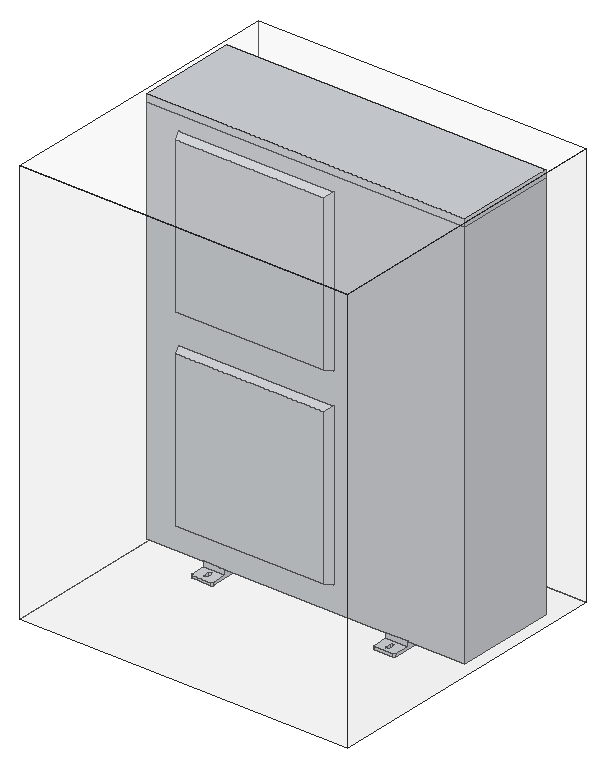
Revit family "puz-dhrmp80140ka3_60hz", category 機械設備, Revit 2019
Family settings
  丸型コネクタ寸法 = 直径を使用
  パーツ タイプ = 標準
  OmniClass 番号 = 23.75.10.24.21.27.27
  OmniClass タイトル = Split System Air Conditioning Units
  作業面ベース = いいえ
  常に垂直 = はい
  ロード時にボイドで切り取り = いいえ
  共有 = いいえ
  部屋計算ポイント = いいえ
Parameters (values of type "室外機_PUZ-DHRMP80KA3 (-BS_BSG)")
  音響パワーレベル_冷房 (dB) = 66
  音響パワーレベル_暖房 (dB) = 68
  音響パワーレベル(dB) = [音響パワーレベル_暖房 (dB)]  # 68
  電源種別 = ""
  電源位置Y = 2 mm
  電源位置Z = 1063 mm
  電源位置X = 325 mm
  電圧 = 200 V
  電動機出力_送風機 = 0.12 kW
  電動機出力_圧縮機 = 1.5 kW
  集中コントローラ [instance] = ""
  運転質量 = 0.00 kg
  運転方法 = "冷暖切替"
  質量 = if(製品質量 > 運転質量, 製品質量, 運転質量) * 1.2  # 138.00 kg
  負荷分類 = 1_熱源類
  説明 = "空冷H/P PAC インバータ室外機"
  設計暖房能力 [instance] = 0 kW
  設計冷房能力_顕熱 [instance] = 0 kW
  設計冷房能力 [instance] = 0 kW
  設置方法 = "床置形"
  記号 [instance] = ""
  製造元 = "三菱電機株式会社"
  製品質量 = 115.00 kg
  製品出荷対象 = "国内"
  製品リリース年月 = ""
  製品グループ = ""
  系統 [instance] = ""
  符号 = "PAC"
  積算_科目 = "1 空気調和設備"
  積算_拾い区分 [instance] = ""
  相 = 3
  盤記号 [instance] = ""
  発停方法 = "付属スイッチ"
  特殊仕様 [instance] = ""
  消費電力_暖房 = 1.92 kW
  消費電力_冷房 = 1.77 kW
  消費電力 = if(消費電力_冷房 > 消費電力_暖房, 消費電力_冷房, 消費電力_暖房)  # 1.92 kW
  法定耐用年数 = "6"
  構成品番 = "PUZ-DHRMP80KA3 (-BS,-BSG)"
  極数 = 3
  材質 [instance] = ""
  本体マテリアル = none
  最小電線太さ_mm2 = 5.5
  最大電流値 = 0 A
  暖房能力 = 8 kW
  推奨ブレーカー容量 = 30 A
  据付ピッチ1 = 0 mm
  形式 = "パッケージ形 室外機"
  形名 = PUZ-ZRMP-3 : PUZ-ZRMP112KA11
  幹線記号 [instance] = ""
  始動方式 = "インバータ始動方式"
  呼称 = "パッケージ形空気調和機_室外機"
  周波数 = 60 Hz
  価格 = 0
  ドレン　位置Z = 23 mm
  ドレン　位置Y = 176 mm
  ドレン　位置X = 45 mm
  アンカーボルト位置Y = 370 mm
  アンカーボルト位置X = 600 mm
  参照している仕様書等のバージョン = "公共建築物標準仕様書（機械設備工事編）平成31年度版"
  分類コード = "5.0053E+13"
  分類グループ = ""
  冷房能力 = 7.1 kW
  冷媒管（ガス）位置X = 483 mm
  冷媒管（液）位置X = 423 mm
  冷媒管（液）位置Y = 290 mm
  冷媒管（ガス）位置Y = 234 mm
  冷媒管長 [instance] = 0 mm
  冷媒管径符号 = "Bd"
  冷媒管径 = 100.00 mm
  冷媒管位置Z = 450 mm
  冷媒管位置Y = (冷媒管（液）位置Y + 冷媒管（ガス）位置Y) / 2  # 262 mm
  冷媒管位置X = (冷媒管（液）位置X + 冷媒管（ガス）位置X) / 2  # 453 mm
  冷媒液管径 = 9.52 mm
  冷媒ガス管径 = 15.88 mm
  企業コード = "108420"
  付属品 [instance] = ""
  仕様書バージョン = "Version1.0"
  ユニット数 = 1
  Model = ""
  ドレン管径 = 33.00 mm
  サービススペース = yes
  コメント [instance] = ""
  ケーブル種類1 = ""
  【値が 0 の項目は組合せ形名にてご確認ください】 = ""
  Width = 1050 mm
  Version = ""
  Uniclass2015Version = "Systems v1.9"
  Uniclass2015Title = "Split coil remote air cooled condensing units"
  Uniclass2015Code = "Pr_70_65_03_84"
  URL = "https://www.mitsubishielectric.co.jp/ldg/wink/ssl/top.do"
  SpecificationReference = ""
  SpecificationDescription = ""
  Revision = ""
  ProductInformation = ""
  OmniClassCode = "23-33 17 13 11"
  IfcTypeProduct = ""
  IfcProduct = ""
  IfcExportType = "AIRCONDITIONINGUNIT"
  IfcExportAs = "IfcUnitaryEquipmentType"
  Height = 1338 mm
  Depth = 330 mm
  Clearance Top = 0 mm
  Clearance Right = 15 mm
  Clearance Left = 15 mm
  Clearance Front = 500 mm
  Clearance Bottom = 0 mm
  Clearance Back = 150 mm
  COP = 0
  Author = "三菱電機株式会社"
  APF = 0
Reference planes
  plane 1 "中心(正面/背面)": y = 74
  plane 2: z = 0
  plane 3 "中心(左/右)": x = 830
  plane 4 "右": x = 1355
  plane 5 "左": x = 305
  plane 6 "背面": y = 239
  plane 7 "正面": y = -91
  plane 8 "上部": z = 1338
  plane 9 "Clearanse Top": z = 1338
  plane 10 "SS_back": y = 389
  plane 11 "SS_front": y = -591
  plane 12 "SS_left": x = 290
  plane 13 "SS_right": x = 1370
  plane 14: z = 0
  plane 15: y = -89
  plane 16: x = 1155
  plane 17: z = 1063
  plane 18: y = -87
  plane 19: y = -23
  plane 20: x = 1283
  plane 21: z = 450
  plane 22: z = 452
  plane 23: y = 63
  plane 24: x = 350
  plane 25: z = 25
  plane 26: z = 23
  plane 27: x = 530
  plane 28: x = 1130
  plane 29: y = 259
  plane 30: y = -111
Forms (mm)
  Extrusion 1, solid, detail levels fine
    sketch origin (0, -91, 0) x (1, 0, 0) y (0, 0, 1)
      loop
        circle (1155, 1063) r 13.5
    from -4 to -2
  Extrusion 2, solid, detail levels fine
    sketch origin (-1437.329, -1524, 54) x (-1, 0, 0) y (0, -1, 0)
      loop
        circle (-2720.329, -1501) r 50
    from 396 to 398
  Extrusion 3, solid, detail levels fine
    sketch origin (-1437.329, -1524, 54) x (-1, 0, 0) y (0, -1, 0)
      loop
        circle (-1787.329, -1587) r 16.5
    from -31 to -29
Lines and regions (mm)
  model lines, not visible
    curve 1: line (460, 178.667, 1289.179) -> (460, 297.73, 1289.179)
    curve 2: line (460, 178.667, 1056.056) -> (460, 178.667, 1289.179)
    curve 3: line (460, 297.73, 1056.056) -> (460, 178.667, 1056.056)
    curve 4: line (460, 297.73, 1289.179) -> (460, 297.73, 1056.056)
    curve 5: line (460, 47.598, 1289.179) -> (460, 166.661, 1289.179)
    curve 6: line (460, 47.598, 1056.056) -> (460, 47.598, 1289.179)
    curve 7: line (460, 166.661, 1056.056) -> (460, 47.598, 1056.056)
    curve 8: line (460, 166.661, 1289.179) -> (460, 166.661, 1056.056)
    curve 9: line (460, -83.471, 1289.179) -> (460, 35.592, 1289.179)
    curve 10: line (460, -83.471, 1056.056) -> (460, -83.471, 1289.179)
    curve 11: line (460, 35.592, 1056.056) -> (460, -83.471, 1056.056)
    curve 12: line (460, 35.592, 1289.179) -> (460, 35.592, 1056.056)
    curve 13: line (460, -150.779, 1289.179) -> (460, -95.75, 1289.179)
    curve 14: line (460, -150.779, 1056.056) -> (460, -150.779, 1289.179)
    curve 15: line (460, -95.75, 1056.056) -> (460, -150.779, 1056.056)
    curve 16: line (460, -95.75, 1289.179) -> (460, -95.75, 1056.056)
    curve 17: line (460, -150.779, 1283.175) -> (460, -132.596, 1283.175)
    curve 18: line (460, -150.779, 1062.059) -> (460, -150.779, 1283.175)
    curve 19: line (460, -132.596, 1062.059) -> (460, -150.779, 1062.059)
    curve 20: line (460, -132.596, 1283.175) -> (460, -132.596, 1062.059)
    curve 21: line (460, 178.667, 1046.051) -> (460, 297.73, 1046.051)
    curve 22: line (460, 178.667, 812.928) -> (460, 178.667, 1046.051)
    curve 23: line (460, 297.73, 812.928) -> (460, 178.667, 812.928)
    curve 24: line (460, 297.73, 1046.051) -> (460, 297.73, 812.928)
    curve 25: line (460, 47.598, 1046.051) -> (460, 166.661, 1046.051)
    curve 26: line (460, 47.598, 812.928) -> (460, 47.598, 1046.051)
    curve 27: line (460, 166.661, 812.928) -> (460, 47.598, 812.928)
    curve 28: line (460, 166.661, 1046.051) -> (460, 166.661, 812.928)
    curve 29: line (460, -83.471, 1046.051) -> (460, 35.592, 1046.051)
    curve 30: line (460, -83.471, 812.928) -> (460, -83.471, 1046.051)
    curve 31: line (460, 35.592, 812.928) -> (460, -83.471, 812.928)
    curve 32: line (460, 35.592, 1046.051) -> (460, 35.592, 812.928)
    curve 33: line (460, -150.779, 1046.051) -> (460, -95.75, 1046.051)
    curve 34: line (460, -150.779, 812.928) -> (460, -150.779, 1046.051)
    curve 35: line (460, -95.75, 812.928) -> (460, -150.779, 812.928)
    curve 36: line (460, -95.75, 1046.051) -> (460, -95.75, 812.928)
    curve 37: line (460, -150.779, 1040.048) -> (460, -132.596, 1040.048)
    curve 38: line (460, -150.779, 818.931) -> (460, -150.779, 1040.048)
    curve 39: line (460, -132.596, 818.931) -> (460, -150.779, 818.931)
    curve 40: line (460, -132.596, 1040.048) -> (460, -132.596, 818.931)
    curve 41: line (460, 178.667, 802.923) -> (460, 297.73, 802.923)
    curve 42: line (460, 178.667, 569.8) -> (460, 178.667, 802.923)
    curve 43: line (460, 297.73, 569.8) -> (460, 178.667, 569.8)
    curve 44: line (460, 297.73, 802.923) -> (460, 297.73, 569.8)
    curve 45: line (460, 47.598, 802.923) -> (460, 166.661, 802.923)
    curve 46: line (460, 47.598, 569.8) -> (460, 47.598, 802.923)
    curve 47: line (460, 166.661, 569.8) -> (460, 47.598, 569.8)
    curve 48: line (460, 166.661, 802.923) -> (460, 166.661, 569.8)
    curve 49: line (460, -83.471, 802.923) -> (460, 35.592, 802.923)
    curve 50: line (460, -83.471, 569.8) -> (460, -83.471, 802.923)
    curve 51: line (460, 35.592, 569.8) -> (460, -83.471, 569.8)
    curve 52: line (460, 35.592, 802.923) -> (460, 35.592, 569.8)
    curve 53: line (460, -150.779, 802.923) -> (460, -95.75, 802.923)
    curve 54: line (460, -150.779, 569.8) -> (460, -150.779, 802.923)
    curve 55: line (460, -95.75, 569.8) -> (460, -150.779, 569.8)
    curve 56: line (460, -95.75, 802.923) -> (460, -95.75, 569.8)
    curve 57: line (460, -150.779, 796.92) -> (460, -132.596, 796.92)
    curve 58: line (460, -150.779, 575.803) -> (460, -150.779, 796.92)
    curve 59: line (460, -132.596, 575.803) -> (460, -150.779, 575.803)
    curve 60: line (460, -132.596, 796.92) -> (460, -132.596, 575.803)
    curve 61: line (460, 178.667, 559.795) -> (460, 297.73, 559.795)
    curve 62: line (460, 178.667, 326.672) -> (460, 178.667, 559.795)
    curve 63: line (460, 297.73, 326.672) -> (460, 178.667, 326.672)
    curve 64: line (460, 297.73, 559.795) -> (460, 297.73, 326.672)
    curve 65: line (460, 47.598, 559.795) -> (460, 166.661, 559.795)
    curve 66: line (460, 47.598, 326.672) -> (460, 47.598, 559.795)
    curve 67: line (460, 166.661, 326.672) -> (460, 47.598, 326.672)
    curve 68: line (460, 166.661, 559.795) -> (460, 166.661, 326.672)
    curve 69: line (460, -83.471, 559.795) -> (460, 35.592, 559.795)
    curve 70: line (460, -83.471, 326.672) -> (460, -83.471, 559.795)
    curve 71: line (460, 35.592, 326.672) -> (460, -83.471, 326.672)
    curve 72: line (460, 35.592, 559.795) -> (460, 35.592, 326.672)
    curve 73: line (460, -150.779, 559.795) -> (460, -95.75, 559.795)
    curve 74: line (460, -150.779, 326.672) -> (460, -150.779, 559.795)
    curve 75: line (460, -95.75, 326.672) -> (460, -150.779, 326.672)
    curve 76: line (460, -95.75, 559.795) -> (460, -95.75, 326.672)
    curve 77: line (460, -150.779, 553.792) -> (460, -132.596, 553.792)
    curve 78: line (460, -150.779, 332.675) -> (460, -150.779, 553.792)
    curve 79: line (460, -132.596, 332.675) -> (460, -150.779, 332.675)
    curve 80: line (460, -132.596, 553.792) -> (460, -132.596, 332.675)
    curve 81: line (460, 178.667, 316.667) -> (460, 297.73, 316.667)
    curve 82: line (460, 178.667, 83.544) -> (460, 178.667, 316.667)
    curve 83: line (460, 297.73, 83.544) -> (460, 178.667, 83.544)
    curve 84: line (460, 297.73, 316.667) -> (460, 297.73, 83.544)
    curve 85: line (460, 47.598, 316.667) -> (460, 166.661, 316.667)
    curve 86: line (460, 47.598, 83.544) -> (460, 47.598, 316.667)
    curve 87: line (460, 166.661, 83.544) -> (460, 47.598, 83.544)
    curve 88: line (460, 166.661, 316.667) -> (460, 166.661, 83.544)
    curve 89: line (460, -83.471, 316.667) -> (460, 35.592, 316.667)
    curve 90: line (460, -83.471, 83.544) -> (460, -83.471, 316.667)
    curve 91: line (460, 35.592, 83.544) -> (460, -83.471, 83.544)
    curve 92: line (460, 35.592, 316.667) -> (460, 35.592, 83.544)
    curve 93: line (460, -150.779, 316.667) -> (460, -95.75, 316.667)
    curve 94: line (460, -150.779, 83.544) -> (460, -150.779, 316.667)
    curve 95: line (460, -95.75, 83.544) -> (460, -150.779, 83.544)
    curve 96: line (460, -95.75, 316.667) -> (460, -95.75, 83.544)
    curve 97: line (460, -150.779, 310.664) -> (460, -132.596, 310.664)
    curve 98: line (460, -150.779, 89.547) -> (460, -150.779, 310.664)
    curve 99: line (460, -132.596, 89.547) -> (460, -150.779, 89.547)
    curve 100: line (460, -132.596, 310.664) -> (460, -132.596, 89.547)
Dimensions and locks
  equal spacing: plane 7 "正面", plane 1 "中心(正面/背面)", plane 6 "背面"
  "Depth": plane 7 "正面" to plane 6 "背面"
  "Width": plane 5 "左" to plane 4 "右"
  equal spacing: plane 5 "左", plane 3 "中心(左/右)", plane 4 "右"
  "Clearance Left": plane 12 "SS_left" to plane 5 "左"
  "Clearance Right": plane 4 "右" to plane 13 "SS_right"
  "Clearance Back": plane 6 "背面" to plane 10 "SS_back"
  "Clearance Front": plane 11 "SS_front" to plane 7 "正面"
  "Height": plane 8 "上部" to level
  "Clearance Top": plane 9 "Clearanse Top" to plane 8 "上部"
  "Clearance Bottom": level to plane 14
  "電源位置X": plane 3 "中心(左/右)" to plane 16
  "電源位置Y": plane 7 "正面" to plane 15
  "電源位置Z": plane 17 to level
  locked: plane 15 to plane 18 at 2
  "冷媒管位置X": plane 3 "中心(左/右)" to plane 20
  "冷媒管位置Y": plane 19 to plane 6 "背面"
  "冷媒管位置Z": plane 21 to level
  locked: plane 22 to plane 21 at 2
  "ドレン　位置X": plane 5 "左" to plane 24
  "ドレン　位置Y": plane 23 to plane 6 "背面"
  locked: plane 25 to plane 26 at 2
  "ドレン　位置Z": plane 26 to level
  equal spacing: plane 30, plane 1 "中心(正面/背面)", plane 29
  "アンカーボルト位置Y": plane 30 to plane 29
  equal spacing: plane 27, plane 3 "中心(左/右)", plane 28
  "アンカーボルト位置X": plane 27 to plane 28
  radius of Extrusion 1 sketch curve = 13.5 mm
  "冷媒管径": diameter of Extrusion 2 sketch curve
  "ドレン管径": diameter of Extrusion 3 sketch curve
  aligned and locked: level to plane 2
  aligned and locked: plane 10 "SS_back" to nested 1  (x2)
  aligned and locked: plane 13 "SS_right" to nested 1
  aligned and locked: plane 12 "SS_left" to nested 1  (x2)
  aligned and locked: nested 1 to plane 13 "SS_right"
  aligned and locked: plane 11 "SS_front" to nested 1
  aligned and locked: plane 9 "Clearanse Top" to nested 1
  aligned and locked: plane 1 "中心(正面/背面)" to nested 2
  aligned and locked: plane 3 "中心(左/右)" to nested 2
  aligned and locked: plane 14 to nested 1
  aligned and locked: plane 17 to Extrusion 1 sketch curve
  aligned and locked: plane 16 to Extrusion 1 sketch curve
  aligned and locked: Extrusion 1 to plane 18
  aligned and locked: plane 15 to Extrusion 1
  aligned and locked: plane 19 to Extrusion 2 sketch curve
  aligned and locked: plane 20 to Extrusion 2 sketch curve
  aligned and locked: plane 22 to Extrusion 2
  aligned and locked: Extrusion 2 to plane 21
  aligned and locked: plane 24 to Extrusion 3 sketch curve
  aligned and locked: plane 23 to Extrusion 3 sketch curve
  aligned and locked: plane 25 to Extrusion 3
  aligned and locked: Extrusion 3 to plane 26
  aligned and locked: plane 27 to nested 3
  aligned and locked: plane 29 to nested 3
Nested families
  nested 1: "サービススペース" at (830, -101, 669), visible <- "サービススペース", type "サービススペース"
    with Width 1080 mm, Height 1338 mm, Depth 980 mm
  nested 2: "PUZ-ZRMP-3" at (830, 74, 0), type <- "形名", type "PUZ-ZRMP112KA11"
  nested 3: "固定点" at (530, -111, 0), type "固定点"
    with W 600 mm, D 370 mm
Connectors
  piping at (1283, -23, 450), diameter 100, driven by "冷媒管径", driven by "冷媒管径符号"
    settings: on Extrusion 2, index 1, connector inside diameter 609.60 mm, connector length 0 mm, flow factor 0, pipe flow 0.0 L/s, pressure drop 0.0 Pa, fitting loss kfactor 0, connector angle 0.00°, fixture units 0, engagement length 0 mm, angle of deflection 0.00°, flow configuration 1, flow direction 2, fitting loss method 4, system type 7, joint type 0, gender type 0, connector reference index -1, connector utility 0, adjustable connector no, is connector primary yes, connector description "Bd"
  electrical at (1155, -89, 1063), driven by "極数", driven by "負荷分類", driven by "電圧", driven by "消費電力"
    settings: on Extrusion 1, index 2, voltage 200 V, apparent load 1920 VA, apparent load phase1 0 VA, apparent load phase2 0 VA, apparent load phase3 0 VA, power factor 1, load classification "1_熱源類", number of poles 3, system type 30, power factor state 1, is connector primary yes, connector utility no, sub classification motor no, connector description ""
Definition of nested family "サービススペース"
  Parameters (values of type "サービススペース")
    Width [instance] = 500 mm
    Height [instance] = 500 mm
    Depth [instance] = 500 mm
  Reference planes
    plane 1 "中心(正面/背面)": y = 0
    plane 2: z = 0
    plane 3 "中心(左/右)": x = 0
    plane 4: y = -250
    plane 5: x = 250
    plane 6: y = 250
    plane 7: x = -250
    plane 8: z = 250
    plane 9: z = -250
  Forms (mm)
    Extrusion 1, solid
      sketch origin (-638.939, 0, 72.39) x (1, 0, 0) y (0, 1, 0)
        loop
          line (388.939, 250) -> (388.939, -250) -> (888.939, -250) -> (888.939, 250) -> (388.939, 250)
      from -322.39 to 177.61
  Lines and regions (mm)
    symbolic lines
      curve 1: line (-250, 0, 250) -> (250, 0, 250)
      curve 2: line (-250, 0, -250) -> (-250, 0, 250)
      curve 3: line (250, 0, -250) -> (-250, 0, -250)
      curve 4: line (250, 0, 250) -> (250, 0, -250)
      curve 5: line (0, -250, 250) -> (0, 250, 250)
      curve 6: line (0, -250, -250) -> (0, -250, 250)
      curve 7: line (0, 250, -250) -> (0, -250, -250)
      curve 8: line (0, 250, 250) -> (0, 250, -250)
      curve 9: line (-250, 250, 0) -> (250, 250, 0)
      curve 10: line (-250, -250, 0) -> (-250, 250, 0)
      curve 11: line (250, -250, 0) -> (-250, -250, 0)
      curve 12: line (250, 250, 0) -> (250, -250, 0)
  Dimensions and locks
    equal spacing: plane 7, plane 3 "中心(左/右)", plane 5
    equal spacing: plane 4, plane 1 "中心(正面/背面)", plane 6
    "Depth": plane 4 to plane 6
    "Width": plane 7 to plane 5
    equal spacing: plane 8, plane 2, plane 9
    "Height": plane 8 to plane 9
    aligned and locked: plane 9 to curve 3
    aligned and locked: plane 7 to curve 2
    aligned and locked: curve 4 to plane 5
    aligned and locked: plane 5 to Extrusion 1
    aligned and locked: Extrusion 1 to plane 7
    aligned and locked: Extrusion 1 to plane 9
    aligned and locked: plane 8 to Extrusion 1
    aligned and locked: plane 9 to curve 7
  Automatic sketch dimensions
    plane 4 to Extrusion 1 sketch curve = 0 mm
    Extrusion 1 sketch curve to plane 7 = 0 mm
    Extrusion 1 sketch curve to plane 5 = 0 mm
    plane 6 to Extrusion 1 sketch curve = 0 mm
    curve 2 to plane 8 = 0 mm
    plane 4 to curve 11 = 0 mm
    curve 11 to plane 7 = 0 mm
    curve 11 to plane 5 = 0 mm
    plane 6 to curve 10 = 0 mm
    curve 7 to plane 4 = 0 mm
    curve 7 to plane 6 = 0 mm
    curve 6 to plane 8 = 0 mm
Definition of nested family "PUZ-ZRMP-3"
  Parameters (values of type "PUZ-ZRMP112KA11")
    配線取出口サイズ = 27 mm
    配線取出口-Z = 1063 mm
    配線取出口-Y = 325 mm
    配線取出口-X = 325 mm
    液配管サイズ = 100 mm
    高さ = 1338 mm
    換気-W = 362 mm
    換気-H2 = 632 mm
    換気-H1 = 369 mm
    換気-D = 25 mm
    奥行き = 330 mm
    吊りボルト_H = 0 mm
    吊りボルト-φ = 12 mm
    冷媒配管サイズ = 9.52 mm
    冷媒液管径-Z = 450 mm
    冷媒液管径-Y = 290 mm
    冷媒液管径-X = 423 mm
    冷媒ガス管径-Z = 421 mm
    冷媒ガス管径-Y = 234 mm
    冷媒ガス管径-X = 483 mm
    吊りボルト-W = 600 mm
    マテリアル = none
    ドレン配管サイズ = 33 mm
    ドレン管径-Z = 0 mm
    ドレン管径-Y = 154 mm
    ドレン管径-X = 480 mm
    タイプ3 = yes
    タイプ2 = no
    タイプ1 = no
    ガス配管サイズ = 15.88 mm
    吊りボルト-D = 370 mm
    幅さ = 1050 mm
    a = 幅さ / 2  # 525 mm
  Reference planes
    plane 1 "中心(正面/背面)": y = 0
    plane 2: z = 0
    plane 3 "中心(左/右)": x = 0
    plane 4: z = 1338
    plane 5: x = -525
    plane 6: x = 525
    plane 7: y = 165
    plane 8: y = -165
    plane 9: x = 587
    plane 10: y = -105
    plane 11: y = 5
    plane 12: z = 1313
    plane 13: x = -545
    plane 14: x = -300
    plane 15: x = 300
    plane 16: y = 185
    plane 17: y = -185
    plane 18: x = 335
    plane 19: x = 265
    plane 20: x = -265
    plane 21: x = -335
    plane 22: y = 204
    plane 23: y = -218
    plane 24: z = 8.5
    plane 25: z = 25
    plane 26: z = 23
    plane 27: z = 1333
    plane 28: y = -40
    plane 29: y = 40
    plane 30: y = -30
    plane 31: y = 30
    plane 32: z = 1318
    plane 33: z = 55
    plane 34: z = 225
    plane 35: z = 570
    plane 36: x = 535
    plane 37: x = 556
    plane 38: y = -190
    plane 39: x = -163
    plane 40: z = 369
    plane 41: x = 91
    plane 42: x = -417
    plane 43: z = 633
    plane 44: z = 105
    plane 45: x = -407
    plane 46: x = 81
    plane 47: z = 623
    plane 48: z = 115
    plane 49: y = 115
    plane 50: y = -115
    plane 51: x = -480
    plane 52: y = -11
    plane 53: x = 483
    plane 54: x = 325
    plane 55: y = -160
    plane 56: y = -125
    plane 57: y = -69
    plane 58: x = 423
    plane 59: z = 421
    plane 60: z = 450
    plane 61: z = 1063
    plane 62: y = -110
    plane 63: z = 550
    plane 64: z = 550
    plane 65: x = 453
    plane 66: y = -97
    plane 67 "グループ": x = -525
    plane 68: z = 1338
    plane 69: z = 943
    plane 70: z = 1001
    plane 71: z = 1265
    plane 72: z = 737
    plane 73: z = 1255
    plane 74: z = 747
    plane 75: y = 125
    plane 76: x = -370
    plane 77: x = -210
    plane 78: x = -50
    plane 79: x = 110
  Forms (mm)
    Extrusion 1, solid, visible <- "タイプ3", detail levels fine
      sketch origin (-1437.329, -1524, 1338) x (-1, 0, 0) y (0, -1, 0)
        loop
          line (-1102.329, -1689) -> (-1102.329, -1359) -> (-1172.329, -1359) -> (-1172.329, -1689) -> (-1102.329, -1689)
        loop
          line (-1702.329, -1689) -> (-1702.329, -1359) -> (-1772.329, -1359) -> (-1772.329, -1689) -> (-1702.329, -1689)
      from -1338 to -1313
    Extrusion 2, solid, material <- "マテリアル", visible <- "タイプ3", detail levels fine
      sketch origin (-1437.329, -1524, 1338) x (-1, 0, 0) y (0, -1, 0)
        loop
          line (-1962.329, -1689) -> (-912.329, -1689) -> (-912.329, -1359) -> (-1962.329, -1359) -> (-1962.329, -1689)
      from -1313 to -25
    Extrusion 3, solid, material <- "マテリアル", visible <- "タイプ3", detail levels fine
      sketch origin (-1437.329, -1524, 1338) x (-1, 0, 0) y (0, -1, 0)
        loop
          line (-912.329, -1689) -> (-912.329, -1359) -> (-1962.329, -1359) -> (-1962.329, -1689) -> (-912.329, -1689)
      from -25 to 0
    Blend 4, solid, material <- "マテリアル", visible <- "タイプ3", detail levels fine
      base sketch origin (0, 0, 0) x (1, 0, 0) y (0, 0, 1)
        loop
          line (-417, 633) -> (-417, 105) -> (91, 105) -> (91, 633) -> (-417, 633)
      top sketch origin (0, 0, 0) x (1, 0, 0) y (0, 0, 1)
        loop
          line (-407, 623) -> (-407, 115) -> (81, 115) -> (81, 623) -> (-407, 623)
      from 165 to 190
    Extrusion 5, solid, material <- "マテリアル", visible <- "タイプ3", detail levels fine
      sketch origin (-1437.329, -1524, 1338) x (-1, 0, 0) y (0, -1, 0)
        loop
          circle (-1920.329, -1455) r 7.94
      from -917 to -788
    Extrusion 6, solid, material <- "マテリアル", visible <- "タイプ3", detail levels fine
      sketch origin (-1437.329, -1524, 1338) x (-1, 0, 0) y (0, -1, 0)
        loop
          circle (-1860.329, -1399) r 4.76
      from -888 to -788
    Extrusion 7, solid, material <- "マテリアル", visible <- "タイプ3", detail levels fine
      sketch origin (1480.036, -190, 1200) x (1, 0, 0) y (0, 0, 1)
        loop
          circle (-1155.036, -137) r 13.5
      from -80 to -30
    Extrusion 8, solid, material <- "マテリアル", visible <- "タイプ3", detail levels fine
      sketch origin (-1437.329, -1524, 1338) x (-1, 0, 0) y (0, -1, 0)
        loop
          circle (-1890.329, -1427) r 50
      from -888 to -788
    Blend 9, solid, material <- "マテリアル", visible <- "タイプ3", detail levels fine
      base sketch origin (1480.036, -190, 1200) x (1, 0, 0) y (0, 0, 1)
        loop
          line (-1897.036, 65) -> (-1897.036, -463) -> (-1389.036, -463) -> (-1389.036, 65) -> (-1897.036, 65)
      top sketch origin (1480.036, -190, 1200) x (1, 0, 0) y (0, 0, 1)
        loop
          line (-1887.036, 55) -> (-1887.036, -453) -> (-1399.036, -453) -> (-1399.036, 55) -> (-1887.036, 55)
      from -25 to 0
    Extrusion 10, solid, visible <- "タイプ3", detail levels fine
      sketch origin (-1437.329, -1524, 1338) x (-1, 0, 0) y (0, -1, 0)
        loop
          line (-1102.329, -1728) -> (-1102.329, -1689) -> (-1172.329, -1689) -> (-1172.329, -1728) -> (-1143.329, -1728) -> (-1143.329, -1709)
          arc (-1143.329, -1709) -> (-1137.329, -1703) -> (-1131.329, -1709) r 6
          line (-1131.329, -1709) -> (-1131.329, -1728) -> (-1102.329, -1728)
        loop
          line (-1102.329, -1359) -> (-1102.329, -1311)
          arc (-1102.329, -1311) -> (-1103.794, -1307.464) -> (-1107.329, -1306) r 5
          line (-1107.329, -1306) -> (-1167.329, -1306)
          arc (-1167.329, -1306) -> (-1170.865, -1307.464) -> (-1172.329, -1311) r 5
          line (-1172.329, -1311) -> (-1172.329, -1359) -> (-1102.329, -1359)
        loop
          arc (-1143.329, -1339) -> (-1137.329, -1345) -> (-1131.329, -1339) r 6
          line (-1131.329, -1339) -> (-1131.329, -1324)
          arc (-1131.329, -1324) -> (-1137.329, -1318) -> (-1143.329, -1324) r 6
          line (-1143.329, -1324) -> (-1143.329, -1339)
        loop
          line (-1772.329, -1728) -> (-1743.329, -1728) -> (-1743.329, -1709)
          arc (-1743.329, -1709) -> (-1737.329, -1703) -> (-1731.329, -1709) r 6
          line (-1731.329, -1709) -> (-1731.329, -1728) -> (-1702.329, -1728) -> (-1702.329, -1689) -> (-1772.329, -1689) -> (-1772.329, -1728)
        loop
          line (-1772.329, -1359) -> (-1702.329, -1359) -> (-1702.329, -1311)
          arc (-1702.329, -1311) -> (-1703.794, -1307.464) -> (-1707.329, -1306) r 5
          line (-1707.329, -1306) -> (-1767.329, -1306)
          arc (-1767.329, -1306) -> (-1770.865, -1307.464) -> (-1772.329, -1311) r 5
          line (-1772.329, -1311) -> (-1772.329, -1359)
        loop
          line (-1731.329, -1339) -> (-1731.329, -1324)
          arc (-1731.329, -1324) -> (-1737.329, -1318) -> (-1743.329, -1324) r 6
          line (-1743.329, -1324) -> (-1743.329, -1339)
          arc (-1743.329, -1339) -> (-1737.329, -1345) -> (-1731.329, -1339) r 6
      from -1338 to -1329.5
    Extrusion 11, solid, material <- "マテリアル", visible <- "タイプ3", detail levels fine
      sketch origin (-1437.329, -1524, 1338) x (-1, 0, 0) y (0, -1, 0)
        loop
          circle (-957.329, -1513) r 16.5
        loop
          circle (-1067.329, -1649) r 16.5
        loop
          circle (-1227.329, -1649) r 16.5
        loop
          circle (-1387.329, -1649) r 16.5
        loop
          circle (-1547.329, -1649) r 16.5
      from -1315 to -1313
  Cuts and joins
    joined: Extrusion 1, Extrusion 10
  Lines and regions (mm)
    Masking region 1, visible <- "タイプ3", detail levels coarse+medium
      outline origin (-1437.329, -1524, 1338) x (-1, 0, 0) y (0, -1, 0)
        loop
          line (-1962.329, -1689) -> (-1772.329, -1689) -> (-1772.329, -1728) -> (-1702.329, -1728) -> (-1702.329, -1689) -> (-1172.329, -1689) -> (-1172.329, -1728) -> (-1102.329, -1728) -> (-1102.329, -1689) -> (-912.329, -1689) -> (-912.329, -1359) -> (-1020.329, -1359) -> (-1030.329, -1334) -> (-1102.329, -1334) -> (-1102.329, -1306) -> (-1172.329, -1306) -> (-1172.329, -1334) -> (-1518.329, -1334) -> (-1528.329, -1359) -> (-1702.329, -1359) -> (-1702.329, -1306) -> (-1772.329, -1306) -> (-1772.329, -1359) -> (-1962.329, -1359) -> (-1962.329, -1689)
    model lines, visible <- "タイプ3", detail levels fine
      curve 1: line (447, 115, 1338) -> (-445, 115, 1338)
      curve 2: line (-445, -115, 1338) -> (447, -115, 1338)
      curve 3: line (-445, -45, 1338) -> (447, -45, 1338)
      curve 4: line (447, 45, 1338) -> (-445, 45, 1338)
      curve 5: line (-445, -35, 1338) -> (447, -35, 1338)
      curve 6: line (447, 35, 1338) -> (-445, 35, 1338)
      curve 7: line (-445, 115, 1338) -> (-445, 45, 1338)
      curve 8: line (447, -115, 1338) -> (447, -45, 1338)
      curve 9: line (-445, 35, 1338) -> (-445, -35, 1338)
      curve 10: line (-445, -45, 1338) -> (-445, -115, 1338)
      curve 11: line (447, -35, 1338) -> (447, 35, 1338)
      curve 12: line (447, 45, 1338) -> (447, 115, 1338)
      curve 13: line (479, -115, 1338) -> (479, 115, 1338)
      curve 14: line (462, -115, 1338) -> (462, 115, 1338)
      curve 15: line (-475, 115, 1338) -> (-475, -115, 1338)
      curve 16: line (-460, 115, 1338) -> (-460, -115, 1338)
      curve 17: line (-460, 115, 1338) -> (-475, 115, 1338)
      curve 18: line (-460, -115, 1338) -> (-475, -115, 1338)
      curve 19: line (462, 115, 1338) -> (479, 115, 1338)
      curve 20: line (462, -115, 1338) -> (479, -115, 1338)
      curve 21: line (-407, -190, 416.5) -> (81, -190, 416.5)
      curve 22: line (81, -190, 321.5) -> (-407, -190, 321.5)
      curve 23: line (-407, -190, 511.5) -> (81, -190, 511.5)
      curve 24: line (-407, -190, 606.5) -> (81, -190, 606.5)
      curve 25: line (81, -190, 226.5) -> (-407, -190, 226.5)
      curve 26: line (81, -190, 131.5) -> (-407, -190, 131.5)
      curve 27: line (-389.571, -190, 623) -> (-389.571, -190, 115)
      curve 28: line (63.571, -190, 115) -> (63.571, -190, 623)
      curve 29: line (-372.143, -190, 623) -> (-372.143, -190, 115)
      curve 30: line (-354.714, -190, 623) -> (-354.714, -190, 115)
      curve 31: line (-337.286, -190, 623) -> (-337.286, -190, 115)
      curve 32: line (-319.857, -190, 623) -> (-319.857, -190, 115)
      curve 33: line (-302.429, -190, 623) -> (-302.429, -190, 115)
      curve 34: line (-285, -190, 623) -> (-285, -190, 115)
      curve 35: line (-267.571, -190, 623) -> (-267.571, -190, 115)
      curve 36: line (-250.143, -190, 623) -> (-250.143, -190, 115)
      curve 37: line (-232.714, -190, 623) -> (-232.714, -190, 115)
      curve 38: line (-215.286, -190, 623) -> (-215.286, -190, 115)
      curve 39: line (-197.857, -190, 623) -> (-197.857, -190, 115)
      curve 40: line (-180.429, -190, 623) -> (-180.429, -190, 115)
      curve 41: line (-163, -190, 623) -> (-163, -190, 115)
      curve 42: line (-145.571, -190, 623) -> (-145.571, -190, 115)
      curve 43: line (-128.143, -190, 623) -> (-128.143, -190, 115)
      curve 44: line (-110.714, -190, 623) -> (-110.714, -190, 115)
      curve 45: line (-93.286, -190, 623) -> (-93.286, -190, 115)
      curve 46: line (-75.857, -190, 623) -> (-75.857, -190, 115)
      curve 47: line (-58.429, -190, 623) -> (-58.429, -190, 115)
      curve 48: line (-41, -190, 623) -> (-41, -190, 115)
      curve 49: line (-23.571, -190, 623) -> (-23.571, -190, 115)
      curve 50: line (-6.143, -190, 623) -> (-6.143, -190, 115)
      curve 51: line (11.286, -190, 623) -> (11.286, -190, 115)
      curve 52: line (28.714, -190, 623) -> (28.714, -190, 115)
      curve 53: line (46.143, -190, 623) -> (46.143, -190, 115)
      curve 54: line (-525, -100, 87) -> (-525, -60, 87)
      curve 55: line (-525, -100, 277) -> (-525, -100, 87)
      curve 56: line (-525, -60, 277) -> (-525, -100, 277)
      curve 57: line (-525, -60, 87) -> (-525, -60, 277)
      curve 58: line (-525, -100, 292) -> (-525, -60, 292)
      curve 59: line (-525, -100, 482) -> (-525, -100, 292)
      curve 60: line (-525, -60, 482) -> (-525, -100, 482)
      curve 61: line (-525, -60, 292) -> (-525, -60, 482)
      curve 62: line (-525, -100, 497) -> (-525, -60, 497)
      curve 63: line (-525, -100, 687) -> (-525, -100, 497)
      curve 64: line (-525, -60, 687) -> (-525, -100, 687)
      curve 65: line (-525, -60, 497) -> (-525, -60, 687)
      curve 66: line (-525, -100, 702) -> (-525, -60, 702)
      curve 67: line (-525, -100, 892) -> (-525, -100, 702)
      curve 68: line (-525, -60, 892) -> (-525, -100, 892)
      curve 69: line (-525, -60, 702) -> (-525, -60, 892)
      curve 70: line (-525, 60, 87) -> (-525, 100, 87)
      curve 71: line (-525, 60, 277) -> (-525, 60, 87)
      curve 72: line (-525, 100, 277) -> (-525, 60, 277)
      curve 73: line (-525, 100, 87) -> (-525, 100, 277)
      curve 74: line (-525, -46.667, 87) -> (-525, -6.667, 87)
      curve 75: line (-525, -46.667, 277) -> (-525, -46.667, 87)
      curve 76: line (-525, -6.667, 277) -> (-525, -46.667, 277)
      curve 77: line (-525, -6.667, 87) -> (-525, -6.667, 277)
      curve 78: line (-525, 6.667, 87) -> (-525, 46.667, 87)
      curve 79: line (-525, 6.667, 277) -> (-525, 6.667, 87)
      curve 80: line (-525, 46.667, 277) -> (-525, 6.667, 277)
      curve 81: line (-525, 46.667, 87) -> (-525, 46.667, 277)
      curve 82: line (-525, 60, 292) -> (-525, 100, 292)
      curve 83: line (-525, 60, 482) -> (-525, 60, 292)
      curve 84: line (-525, 100, 482) -> (-525, 60, 482)
      curve 85: line (-525, 100, 292) -> (-525, 100, 482)
      curve 86: line (-525, 60, 702) -> (-525, 100, 702)
      curve 87: line (-525, 60, 892) -> (-525, 60, 702)
      curve 88: line (-525, 100, 892) -> (-525, 60, 892)
      curve 89: line (-525, 100, 702) -> (-525, 100, 892)
      curve 90: line (-525, -46.667, 292) -> (-525, -6.667, 292)
      curve 91: line (-525, -46.667, 482) -> (-525, -46.667, 292)
      curve 92: line (-525, -6.667, 482) -> (-525, -46.667, 482)
      curve 93: line (-525, -6.667, 292) -> (-525, -6.667, 482)
      curve 94: line (-525, -46.667, 497) -> (-525, -6.667, 497)
      curve 95: line (-525, -46.667, 687) -> (-525, -46.667, 497)
      curve 96: line (-525, -6.667, 687) -> (-525, -46.667, 687)
      curve 97: line (-525, -6.667, 497) -> (-525, -6.667, 687)
      curve 98: line (-525, -46.667, 702) -> (-525, -6.667, 702)
      curve 99: line (-525, -46.667, 892) -> (-525, -46.667, 702)
      curve 100: line (-525, -6.667, 892) -> (-525, -46.667, 892)
      curve 101: line (-525, -6.667, 702) -> (-525, -6.667, 892)
      curve 102: line (-525, 6.667, 292) -> (-525, 46.667, 292)
      curve 103: line (-525, 6.667, 482) -> (-525, 6.667, 292)
      curve 104: line (-525, 46.667, 482) -> (-525, 6.667, 482)
      curve 105: line (-525, 46.667, 292) -> (-525, 46.667, 482)
      curve 106: line (-525, 6.667, 497) -> (-525, 46.667, 497)
      curve 107: line (-525, 6.667, 687) -> (-525, 6.667, 497)
      curve 108: line (-525, 46.667, 687) -> (-525, 6.667, 687)
      curve 109: line (-525, 46.667, 497) -> (-525, 46.667, 687)
      curve 110: line (-525, 6.667, 702) -> (-525, 46.667, 702)
      curve 111: line (-525, 6.667, 892) -> (-525, 6.667, 702)
      curve 112: line (-525, 46.667, 892) -> (-525, 6.667, 892)
      curve 113: line (-525, 46.667, 702) -> (-525, 46.667, 892)
      curve 114: line (-525, -100, 907) -> (-525, -60, 907)
      curve 115: line (-525, -100, 1097) -> (-525, -100, 907)
      curve 116: line (-525, -60, 1097) -> (-525, -100, 1097)
      curve 117: line (-525, -60, 907) -> (-525, -60, 1097)
      curve 118: line (-525, 60, 907) -> (-525, 100, 907)
      curve 119: line (-525, 60, 1097) -> (-525, 60, 907)
      curve 120: line (-525, 100, 1097) -> (-525, 60, 1097)
      curve 121: line (-525, 100, 907) -> (-525, 100, 1097)
      curve 122: line (-525, -46.667, 907) -> (-525, -6.667, 907)
      curve 123: line (-525, -46.667, 1097) -> (-525, -46.667, 907)
      curve 124: line (-525, -6.667, 1097) -> (-525, -46.667, 1097)
      curve 125: line (-525, -6.667, 907) -> (-525, -6.667, 1097)
      curve 126: line (-525, 6.667, 907) -> (-525, 46.667, 907)
      curve 127: line (-525, 6.667, 1097) -> (-525, 6.667, 907)
      curve 128: line (-525, 46.667, 1097) -> (-525, 6.667, 1097)
      curve 129: line (-525, 46.667, 907) -> (-525, 46.667, 1097)
      curve 130: line (-525, -100, 1112) -> (-525, -60, 1112)
      curve 131: line (-525, -100, 1302) -> (-525, -100, 1112)
      curve 132: line (-525, -60, 1302) -> (-525, -100, 1302)
      curve 133: line (-525, -60, 1112) -> (-525, -60, 1302)
      curve 134: line (-525, 60, 1112) -> (-525, 100, 1112)
      curve 135: line (-525, 60, 1302) -> (-525, 60, 1112)
      curve 136: line (-525, 100, 1302) -> (-525, 60, 1302)
      curve 137: line (-525, 100, 1112) -> (-525, 100, 1302)
      curve 138: line (-525, -46.667, 1112) -> (-525, -6.667, 1112)
      curve 139: line (-525, -46.667, 1302) -> (-525, -46.667, 1112)
      curve 140: line (-525, -6.667, 1302) -> (-525, -46.667, 1302)
      curve 141: line (-525, -6.667, 1112) -> (-525, -6.667, 1302)
      curve 142: line (-525, 6.667, 1112) -> (-525, 46.667, 1112)
      curve 143: line (-525, 6.667, 1302) -> (-525, 6.667, 1112)
      curve 144: line (-525, 46.667, 1302) -> (-525, 6.667, 1302)
      curve 145: line (-525, 46.667, 1112) -> (-525, 46.667, 1302)
      curve 303: line (81, -190, 1238.5) -> (-407, -190, 1238.5)
      curve 304: line (-407, -190, 763.5) -> (81, -190, 763.5)
      curve 305: line (-389.571, -190, 1255) -> (-389.571, -190, 747)
      curve 306: line (81, -190, 858.5) -> (-407, -190, 858.5)
      curve 307: line (81, -190, 1143.5) -> (-407, -190, 1143.5)
      curve 308: line (81, -190, 1048.5) -> (-407, -190, 1048.5)
      curve 309: line (-407, -190, 953.5) -> (81, -190, 953.5)
      curve 310: line (-372.143, -190, 1255) -> (-372.143, -190, 747)
      curve 311: line (-354.714, -190, 1255) -> (-354.714, -190, 747)
      curve 312: line (-337.286, -190, 1255) -> (-337.286, -190, 747)
      curve 313: line (-319.857, -190, 1255) -> (-319.857, -190, 747)
      curve 314: line (-302.429, -190, 1255) -> (-302.429, -190, 747)
      curve 315: line (-285, -190, 1255) -> (-285, -190, 747)
      curve 316: line (-267.571, -190, 1255) -> (-267.571, -190, 747)
      curve 317: line (-250.143, -190, 1255) -> (-250.143, -190, 747)
      curve 318: line (-232.714, -190, 1255) -> (-232.714, -190, 747)
      curve 319: line (-215.286, -190, 1255) -> (-215.286, -190, 747)
      curve 320: line (-197.857, -190, 1255) -> (-197.857, -190, 747)
      curve 321: line (-180.429, -190, 1255) -> (-180.429, -190, 747)
      curve 322: line (-163, -190, 1255) -> (-163, -190, 747)
      curve 323: line (-145.571, -190, 1255) -> (-145.571, -190, 747)
      curve 324: line (-128.143, -190, 1255) -> (-128.143, -190, 747)
      curve 325: line (-110.714, -190, 1255) -> (-110.714, -190, 747)
      curve 326: line (-93.286, -190, 1255) -> (-93.286, -190, 747)
      curve 327: line (-75.857, -190, 1255) -> (-75.857, -190, 747)
      curve 328: line (-58.429, -190, 1255) -> (-58.429, -190, 747)
      curve 329: line (-41, -190, 1255) -> (-41, -190, 747)
      curve 330: line (-23.571, -190, 1255) -> (-23.571, -190, 747)
      curve 331: line (-6.143, -190, 1255) -> (-6.143, -190, 747)
      curve 332: line (11.286, -190, 1255) -> (11.286, -190, 747)
      curve 333: line (28.714, -190, 1255) -> (28.714, -190, 747)
      curve 334: line (46.143, -190, 1255) -> (46.143, -190, 747)
      curve 335: line (63.571, -190, 1255) -> (63.571, -190, 747)
    model lines, visible <- "タイプ3", not visible, detail levels fine
      curve 146: line (-525, -100, 907) -> (-525, -60, 907)
      curve 147: line (-525, -100, 1097) -> (-525, -100, 907)
      curve 148: line (-525, -60, 1097) -> (-525, -100, 1097)
      curve 149: line (-525, -60, 907) -> (-525, -60, 1097)
      curve 150: line (-525, 60, 907) -> (-525, 100, 907)
      curve 151: line (-525, 60, 1097) -> (-525, 60, 907)
      curve 152: line (-525, 100, 1097) -> (-525, 60, 1097)
      curve 153: line (-525, 100, 907) -> (-525, 100, 1097)
      curve 154: line (-525, -46.667, 907) -> (-525, -6.667, 907)
      curve 155: line (-525, -46.667, 1097) -> (-525, -46.667, 907)
      curve 156: line (-525, -6.667, 1097) -> (-525, -46.667, 1097)
      curve 157: line (-525, -6.667, 907) -> (-525, -6.667, 1097)
      curve 158: line (-525, 6.667, 907) -> (-525, 46.667, 907)
      curve 159: line (-525, 6.667, 1097) -> (-525, 6.667, 907)
      curve 160: line (-525, 46.667, 1097) -> (-525, 6.667, 1097)
      curve 161: line (-525, 46.667, 907) -> (-525, 46.667, 1097)
      curve 162: line (-525, -100, 1112) -> (-525, -60, 1112)
      curve 163: line (-525, -100, 1302) -> (-525, -100, 1112)
      curve 164: line (-525, -60, 1302) -> (-525, -100, 1302)
      curve 165: line (-525, -60, 1112) -> (-525, -60, 1302)
      curve 166: line (-525, 60, 1112) -> (-525, 100, 1112)
      curve 167: line (-525, 60, 1302) -> (-525, 60, 1112)
      curve 168: line (-525, 100, 1302) -> (-525, 60, 1302)
      curve 169: line (-525, 100, 1112) -> (-525, 100, 1302)
      curve 170: line (-525, -46.667, 1112) -> (-525, -6.667, 1112)
      curve 171: line (-525, -46.667, 1302) -> (-525, -46.667, 1112)
      curve 172: line (-525, -6.667, 1302) -> (-525, -46.667, 1302)
      curve 173: line (-525, -6.667, 1112) -> (-525, -6.667, 1302)
      curve 174: line (-525, 6.667, 1112) -> (-525, 46.667, 1112)
      curve 175: line (-525, 6.667, 1302) -> (-525, 6.667, 1112)
      curve 176: line (-525, 46.667, 1302) -> (-525, 6.667, 1302)
      curve 177: line (-525, 46.667, 1112) -> (-525, 46.667, 1302)
      curve 194: line (-525, -100, 87) -> (-525, -60, 87)
      curve 195: line (-525, -100, 277) -> (-525, -100, 87)
      curve 196: line (-525, -60, 277) -> (-525, -100, 277)
      curve 197: line (-525, -60, 87) -> (-525, -60, 277)
      curve 198: line (-525, -100, 292) -> (-525, -60, 292)
      curve 199: line (-525, -100, 482) -> (-525, -100, 292)
      curve 200: line (-525, -60, 482) -> (-525, -100, 482)
      curve 201: line (-525, -60, 292) -> (-525, -60, 482)
      curve 202: line (-525, -100, 497) -> (-525, -60, 497)
      curve 203: line (-525, -100, 687) -> (-525, -100, 497)
      curve 204: line (-525, -60, 687) -> (-525, -100, 687)
      curve 205: line (-525, -60, 497) -> (-525, -60, 687)
      curve 206: line (-525, -100, 702) -> (-525, -60, 702)
      curve 207: line (-525, -100, 892) -> (-525, -100, 702)
      curve 208: line (-525, -60, 892) -> (-525, -100, 892)
      curve 209: line (-525, -60, 702) -> (-525, -60, 892)
      curve 210: line (-525, 60, 87) -> (-525, 100, 87)
      curve 211: line (-525, 60, 277) -> (-525, 60, 87)
      curve 212: line (-525, 100, 277) -> (-525, 60, 277)
      curve 213: line (-525, 100, 87) -> (-525, 100, 277)
      curve 214: line (-525, -46.667, 87) -> (-525, -6.667, 87)
      curve 215: line (-525, -46.667, 277) -> (-525, -46.667, 87)
      curve 216: line (-525, -6.667, 277) -> (-525, -46.667, 277)
      curve 217: line (-525, -6.667, 87) -> (-525, -6.667, 277)
      curve 218: line (-525, 6.667, 87) -> (-525, 46.667, 87)
      curve 219: line (-525, 6.667, 277) -> (-525, 6.667, 87)
      curve 220: line (-525, 46.667, 277) -> (-525, 6.667, 277)
      curve 221: line (-525, 46.667, 87) -> (-525, 46.667, 277)
      curve 222: line (-525, 60, 292) -> (-525, 100, 292)
      curve 223: line (-525, 60, 482) -> (-525, 60, 292)
      curve 224: line (-525, 100, 482) -> (-525, 60, 482)
      curve 225: line (-525, 100, 292) -> (-525, 100, 482)
      curve 226: line (-525, 60, 702) -> (-525, 100, 702)
      curve 227: line (-525, 60, 892) -> (-525, 60, 702)
      curve 228: line (-525, 100, 892) -> (-525, 60, 892)
      curve 229: line (-525, 100, 702) -> (-525, 100, 892)
      curve 230: line (-525, -46.667, 292) -> (-525, -6.667, 292)
      curve 231: line (-525, -46.667, 482) -> (-525, -46.667, 292)
      curve 232: line (-525, -6.667, 482) -> (-525, -46.667, 482)
      curve 233: line (-525, -6.667, 292) -> (-525, -6.667, 482)
      curve 234: line (-525, -46.667, 497) -> (-525, -6.667, 497)
      curve 235: line (-525, -46.667, 687) -> (-525, -46.667, 497)
      curve 236: line (-525, -6.667, 687) -> (-525, -46.667, 687)
      curve 237: line (-525, -6.667, 497) -> (-525, -6.667, 687)
      curve 238: line (-525, -46.667, 702) -> (-525, -6.667, 702)
      curve 239: line (-525, -46.667, 892) -> (-525, -46.667, 702)
      curve 240: line (-525, -6.667, 892) -> (-525, -46.667, 892)
      curve 241: line (-525, -6.667, 702) -> (-525, -6.667, 892)
      curve 242: line (-525, 6.667, 292) -> (-525, 46.667, 292)
      curve 243: line (-525, 6.667, 482) -> (-525, 6.667, 292)
      curve 244: line (-525, 46.667, 482) -> (-525, 6.667, 482)
      curve 245: line (-525, 46.667, 292) -> (-525, 46.667, 482)
      curve 246: line (-525, 6.667, 497) -> (-525, 46.667, 497)
      curve 247: line (-525, 6.667, 687) -> (-525, 6.667, 497)
      curve 248: line (-525, 46.667, 687) -> (-525, 6.667, 687)
      curve 249: line (-525, 46.667, 497) -> (-525, 46.667, 687)
      curve 250: line (-525, 6.667, 702) -> (-525, 46.667, 702)
      curve 251: line (-525, 6.667, 892) -> (-525, 6.667, 702)
      curve 252: line (-525, 46.667, 892) -> (-525, 6.667, 892)
      curve 253: line (-525, 46.667, 702) -> (-525, 46.667, 892)
    model lines, visible <- "タイプ2", not visible
      curve 178: line (-600, -100, 33.5) -> (-600, -60, 33.5)
      curve 179: line (-600, -100, 73.5) -> (-600, -100, 33.5)
      curve 180: line (-600, -60, 73.5) -> (-600, -100, 73.5)
      curve 181: line (-600, -60, 33.5) -> (-600, -60, 73.5)
      curve 182: line (-600, 60, 33.5) -> (-600, 100, 33.5)
      curve 183: line (-600, 60, 73.5) -> (-600, 60, 33.5)
      curve 184: line (-600, 100, 73.5) -> (-600, 60, 73.5)
      curve 185: line (-600, 100, 33.5) -> (-600, 100, 73.5)
      curve 186: line (-509, -46.667, 33.5) -> (-509, -6.667, 33.5)
      curve 187: line (-509, -46.667, 73.5) -> (-509, -46.667, 33.5)
      curve 188: line (-509, -6.667, 73.5) -> (-509, -46.667, 73.5)
      curve 189: line (-509, -6.667, 33.5) -> (-509, -6.667, 73.5)
      curve 190: line (-509, 6.667, 33.5) -> (-509, 46.667, 33.5)
      curve 191: line (-509, 6.667, 73.5) -> (-509, 6.667, 33.5)
      curve 192: line (-509, 46.667, 73.5) -> (-509, 6.667, 73.5)
      curve 193: line (-509, 46.667, 33.5) -> (-509, 46.667, 73.5)
      curve 287: line (-404.5, -100, 33.5) -> (-404.5, -60, 33.5)
      curve 288: line (-404.5, -100, 73.5) -> (-404.5, -100, 33.5)
      curve 289: line (-404.5, -60, 73.5) -> (-404.5, -100, 73.5)
      curve 290: line (-404.5, -60, 33.5) -> (-404.5, -60, 73.5)
      curve 291: line (-404.5, 60, 33.5) -> (-404.5, 100, 33.5)
      curve 292: line (-404.5, 60, 73.5) -> (-404.5, 60, 33.5)
      curve 293: line (-404.5, 100, 73.5) -> (-404.5, 60, 73.5)
      curve 294: line (-404.5, 100, 33.5) -> (-404.5, 100, 73.5)
      curve 295: line (-404.5, -46.667, 33.5) -> (-404.5, -6.667, 33.5)
      curve 296: line (-404.5, -46.667, 73.5) -> (-404.5, -46.667, 33.5)
      curve 297: line (-404.5, -6.667, 73.5) -> (-404.5, -46.667, 73.5)
      curve 298: line (-404.5, -6.667, 33.5) -> (-404.5, -6.667, 73.5)
      curve 299: line (-404.5, 6.667, 33.5) -> (-404.5, 46.667, 33.5)
      curve 300: line (-404.5, 6.667, 73.5) -> (-404.5, 6.667, 33.5)
      curve 301: line (-404.5, 46.667, 73.5) -> (-404.5, 6.667, 73.5)
      curve 302: line (-404.5, 46.667, 33.5) -> (-404.5, 46.667, 73.5)
    model lines, not visible
      curve 254: line (-338.5, -173.2, 372.5) -> (149.5, -173.2, 372.5)
      curve 255: line (149.5, -173.2, 277.5) -> (-338.5, -173.2, 277.5)
      curve 256: line (-338.5, -173.2, 467.5) -> (149.5, -173.2, 467.5)
      curve 257: line (-338.5, -173.2, 562.5) -> (149.5, -173.2, 562.5)
      curve 258: line (149.5, -173.2, 182.5) -> (-338.5, -173.2, 182.5)
      curve 259: line (149.5, -173.2, 87.5) -> (-338.5, -173.2, 87.5)
      curve 260: line (-321.071, -173.2, 579) -> (-321.071, -173.2, 71)
      curve 261: line (132.071, -173.2, 71) -> (132.071, -173.2, 579)
      curve 262: line (-303.643, -173.2, 579) -> (-303.643, -173.2, 71)
      curve 263: line (-286.214, -173.2, 579) -> (-286.214, -173.2, 71)
      curve 264: line (-268.786, -173.2, 579) -> (-268.786, -173.2, 71)
      curve 265: line (-251.357, -173.2, 579) -> (-251.357, -173.2, 71)
      curve 266: line (-233.929, -173.2, 579) -> (-233.929, -173.2, 71)
      curve 267: line (-216.5, -173.2, 579) -> (-216.5, -173.2, 71)
      curve 268: line (-199.071, -173.2, 579) -> (-199.071, -173.2, 71)
      curve 269: line (-181.643, -173.2, 579) -> (-181.643, -173.2, 71)
      curve 270: line (-164.214, -173.2, 579) -> (-164.214, -173.2, 71)
      curve 271: line (-146.786, -173.2, 579) -> (-146.786, -173.2, 71)
      curve 272: line (-129.357, -173.2, 579) -> (-129.357, -173.2, 71)
      curve 273: line (-111.929, -173.2, 579) -> (-111.929, -173.2, 71)
      curve 274: line (-94.5, -173.2, 579) -> (-94.5, -173.2, 71)
      curve 275: line (-77.071, -173.2, 579) -> (-77.071, -173.2, 71)
      curve 276: line (-59.643, -173.2, 579) -> (-59.643, -173.2, 71)
      curve 277: line (-42.214, -173.2, 579) -> (-42.214, -173.2, 71)
      curve 278: line (-24.786, -173.2, 579) -> (-24.786, -173.2, 71)
      curve 279: line (-7.357, -173.2, 579) -> (-7.357, -173.2, 71)
      curve 280: line (10.071, -173.2, 579) -> (10.071, -173.2, 71)
      curve 281: line (27.5, -173.2, 579) -> (27.5, -173.2, 71)
      curve 282: line (44.929, -173.2, 579) -> (44.929, -173.2, 71)
      curve 283: line (62.357, -173.2, 579) -> (62.357, -173.2, 71)
      curve 284: line (79.786, -173.2, 579) -> (79.786, -173.2, 71)
      curve 285: line (97.214, -173.2, 579) -> (97.214, -173.2, 71)
      curve 286: line (114.643, -173.2, 579) -> (114.643, -173.2, 71)
    symbolic lines, visible <- "タイプ3"
      curve 336: line (-344.073, 165, 1338) -> (-525, 165, 1338)
      curve 337: line (-525, 165, 1338) -> (-525, -165, 1338)
      curve 338: line (-525, -165, 1338) -> (-323.037, -165, 1338)
      curve 339: line (-417, -165, 1338) -> (-407, -190, 1338)
      curve 340: line (-407, -190, 1338) -> (-357.105, -190, 1338)
      curve 341: line (-335, -190, 1338) -> (-335, -218, 1338)
      curve 342: line (-335, -218, 1338) -> (-265, -218, 1338)
      curve 343: line (-265, -218, 1338) -> (-265, -190, 1338)
      curve 344: line (-357.105, -190, 1338) -> (81, -190, 1338)
      curve 345: line (81, -190, 1338) -> (91, -165, 1338)
      curve 346: line (-323.037, -165, 1338) -> (300.043, -165, 1338)
      curve 347: line (265, -165, 1338) -> (265, -218, 1338)
      curve 348: line (265, -218, 1338) -> (335, -218, 1338)
      curve 349: line (335, -218, 1338) -> (335, -165, 1338)
      curve 350: line (300.043, -165, 1338) -> (525, -165, 1338)
      curve 351: line (525, -165, 1338) -> (525, 165, 1338)
      curve 352: line (525, 165, 1338) -> (363.157, 165, 1338)
      curve 353: line (335, 165, 1338) -> (335, 204, 1338)
      curve 354: line (335, 204, 1338) -> (265, 204, 1338)
      curve 355: line (265, 204, 1338) -> (265, 165, 1338)
      curve 356: line (363.157, 165, 1338) -> (-344.073, 165, 1338)
      curve 357: line (-265, 165, 1338) -> (-265, 204, 1338)
      curve 358: line (-265, 204, 1338) -> (-335, 204, 1338)
      curve 359: line (-335, 204, 1338) -> (-335, 165, 1338)
      curve 360: line (-475, 115, 1338) -> (-460, 115, 1338)
      curve 361: line (-475, -115, 1338) -> (-475, 115, 1338)
      curve 362: line (-460, -115, 1338) -> (-475, -115, 1338)
      curve 363: line (-460, 115, 1338) -> (-460, -115, 1338)
      curve 364: line (-445, 115, 1338) -> (447, 115, 1338)
      curve 365: line (-445, 45, 1338) -> (-445, 115, 1338)
      curve 366: line (447, 45, 1338) -> (-445, 45, 1338)
      curve 367: line (447, 115, 1338) -> (447, 45, 1338)
      curve 368: line (447, 35, 1338) -> (-445, 35, 1338)
      curve 369: line (447, -35, 1338) -> (447, 35, 1338)
      curve 370: line (-445, -35, 1338) -> (447, -35, 1338)
      curve 371: line (-445, 35, 1338) -> (-445, -35, 1338)
      curve 372: line (-445, -45, 1338) -> (447, -45, 1338)
      curve 373: line (-445, -115, 1338) -> (-445, -45, 1338)
      curve 374: line (447, -115, 1338) -> (-445, -115, 1338)
      curve 375: line (447, -45, 1338) -> (447, -115, 1338)
      curve 376: line (462, -115, 1338) -> (479, -115, 1338)
      curve 377: line (462, 115, 1338) -> (462, -115, 1338)
      curve 378: line (479, 115, 1338) -> (462, 115, 1338)
      curve 379: line (479, -115, 1338) -> (479, 115, 1338)
  Dimensions and locks
    equal spacing: plane 8, plane 1 "中心(正面/背面)", plane 7
    "奥行き": plane 8 to plane 7
    equal spacing: plane 5, plane 3 "中心(左/右)", plane 6
    "幅さ": plane 5 to plane 6
    "高さ": plane 4 to level
    locked: plane 6 to plane 9 at 62
    locked: plane 8 to plane 10 at 60
    locked: plane 8 to plane 11 at 170
    locked: plane 4 to plane 12 at 25
    locked: plane 13 to plane 5 at 20
    "吊りボルト-D": plane 17 to plane 16
    equal spacing: plane 17, plane 1 "中心(正面/背面)", plane 16
    equal spacing: plane 14, plane 3 "中心(左/右)", plane 15
    "吊りボルト-W": plane 14 to plane 15
    plane 21 to plane 14 to plane 20 = 35 mm locked, 35 mm locked
    plane 19 to plane 15 to plane 18 = 35 mm locked, 35 mm locked
    locked: plane 16 to plane 22 at 19
    locked: plane 23 to plane 17 at 33
    locked: plane 24 to level at 8.5
    plane 25 to level = 25 mm
    locked: plane 4 to plane 27 at 5
    plane 7 to plane 1 "中心(正面/背面)" to plane 8 = 165 mm, 165 mm
    plane 29 to plane 1 "中心(正面/背面)" to plane 28 = 40 mm, 40 mm
    plane 31 to plane 1 "中心(正面/背面)" to plane 30 = 30 mm, 30 mm
    locked: plane 32 to plane 12 at 5
    locked: plane 33 to level at 55
    locked: plane 34 to level at 225
    equal spacing: plane 6, plane 37, plane 9
    locked: plane 6 to plane 36 at 10
    "換気-D": plane 38 to plane 8
    "換気-W": plane 39 to plane 5
    "換気-H1": plane 40 to level
    plane 41 to plane 39 to plane 42 = 254 mm locked, 254 mm locked
    plane 43 to plane 40 to plane 44 = 264 mm locked, 264 mm locked
    locked: plane 41 to plane 46 at 10
    locked: plane 45 to plane 42 at 10
    locked: plane 43 to plane 47 at 10
    locked: plane 48 to plane 44 at 10
    locked: curve 26 to plane 48 at 16.5
    locked: plane 47 to curve 24 at 16.5
    equal spacing: curve 24, curve 23, curve 21, curve 22, curve 25, curve 26
    equal spacing: plane 46, curve 28, curve 53, curve 52, curve 51, curve 50, curve 49, curve 48, curve 47, curve 46, curve 45, curve 44, curve 43, curve 42, curve 41, curve 40, curve 39, curve 38, curve 37, curve 36, curve 35, curve 34, curve 33, curve 32, curve 31, curve 30, curve 29, curve 27, plane 45
    locked: curve 4 to curve 6 at 10
    locked: curve 3 to curve 5 at 10
    locked: plane 49 to plane 7 at 50
    locked: plane 8 to plane 50 at 50
    "ドレン管径-Y": plane 8 to plane 52
    "配線取出口-Y": plane 55 to plane 7
    "冷媒液管径-Y": plane 56 to plane 7
    "冷媒ガス管径-Y": plane 57 to plane 7
    "配線取出口-X": plane 3 "中心(左/右)" to plane 54
    "冷媒ガス管径-X": plane 3 "中心(左/右)" to plane 53
    "冷媒液管径-X": plane 3 "中心(左/右)" to plane 58
    "冷媒液管径-Z": plane 60 to level
    "冷媒ガス管径-Z": plane 59 to level
    "配線取出口-Z": plane 61 to level
    locked: plane 55 to plane 62 at 50
    plane 63 to plane 59 = 129 mm
    locked: plane 64 to plane 60 at 100
    equal spacing: plane 58, plane 65, plane 53
    equal spacing: plane 56, plane 66, plane 57
    "a": plane 67 "グループ" to plane 3 "中心(左/右)"
    plane 69 to level = 943 mm
    plane 68 to level = 1338 mm
    locked: plane 35 to level at 570
    curve 21 to plane 40 to curve 22 = 47.5 mm locked, 47.5 mm locked
    "換気-H2": plane 70 to plane 40
    plane 71 to plane 70 to plane 72 = 264 mm locked, 264 mm locked
    locked: plane 74 to plane 72 at 10
    locked: plane 71 to plane 73 at 10
    locked: plane 73 to curve 303 at 16.5
    locked: curve 304 to plane 74 at 16.5
    equal spacing: curve 303, curve 307, curve 308, curve 309, curve 306, curve 304
    equal spacing: plane 46, curve 335, curve 334, curve 333, curve 332, curve 331, curve 330, curve 329, curve 328, curve 327, curve 326, curve 325, curve 324, curve 323, curve 322, curve 321, curve 320, curve 319, curve 318, curve 317, curve 316, curve 315, curve 314, curve 313, curve 312, curve 311, curve 310, curve 305, plane 45
    locked: plane 25 to plane 26 at 2
    "ドレン管径-X": plane 51 to plane 3 "中心(左/右)"
    locked: plane 52 to plane 75 at 136
    plane 51 to plane 76 to plane 77 to plane 78 to plane 79 = 110 mm locked, 160 mm locked, 160 mm locked, 160 mm locked
    "ガス配管サイズ": diameter of Extrusion 5 sketch curve
    "冷媒配管サイズ": diameter of Extrusion 6 sketch curve
    "配線取出口サイズ": diameter of Extrusion 7 sketch curve
    "液配管サイズ": diameter of Extrusion 8 sketch curve
    "ドレン配管サイズ": diameter of Extrusion 11 sketch curve  (x5)
    aligned and locked: level to plane 2
    aligned and locked: Extrusion 1 to level
    aligned and locked: plane 25 to Extrusion 1
    aligned and locked: Extrusion 2 sketch curve to plane 7
    aligned and locked: Extrusion 2 sketch curve to plane 8
    aligned and locked: Extrusion 2 sketch curve to plane 5
    aligned and locked: Extrusion 2 sketch curve to plane 6
    aligned and locked: Extrusion 2 to plane 25
    aligned and locked: plane 12 to Extrusion 2
    aligned and locked: Extrusion 3 sketch curve to Extrusion 2  (x4)
    aligned and locked: Extrusion 3 to plane 12
    aligned and locked: plane 4 to Extrusion 3
    aligned and locked: Blend 4 sketch curve to plane 43
    aligned and locked: Blend 4 sketch curve to plane 44
    aligned and locked: Blend 4 sketch curve to plane 42
    aligned and locked: Blend 4 sketch curve to plane 41
    aligned and locked: Blend 4 sketch curve to plane 47
    aligned and locked: Blend 4 sketch curve to plane 45
    aligned and locked: Blend 4 sketch curve to plane 46
    aligned and locked: Blend 4 sketch curve to plane 48
    aligned and locked: Blend 4 to plane 8
    aligned and locked: plane 38 to Blend 4
    aligned and locked: curve 17 to plane 49
    aligned and locked: curve 1 to plane 49
    aligned and locked: plane 49 to curve 19
    aligned and locked: curve 18 to plane 50
